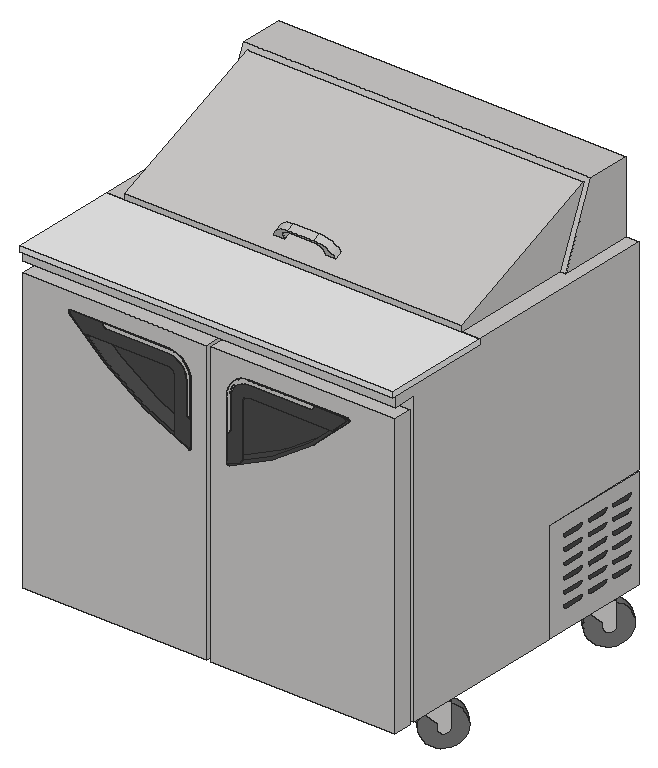
Revit family "QF_Turbo Air_TST-36SD3d83a96b-9be4-4cdf-8842-75e6c3c3c7b1", category Specialty Equipment, Revit 2012
Parameters
  Weight in Pounds = 230
  Watermarked By = "http://revitwatermark.com"
  Volts = 115 V
  URL Cutsheet = ""
  URL = "www.turboairinc.com"
  Status [instance] = ""
  Specification by User [instance] = ""
  Specification by Manufacturer [instance] = ""
  Serial Number [instance] = ""
  Revision Code [instance] = ""
  Phase = 1
  Number of Poles [instance] = 1
  NAFEM Spec ID Number [instance] = ""
  Model = "TST-36SD"
  Masterspec [instance] = ""
  Manufacturer = "Turbo Air"  # constant formula
  Legs [instance] = [6 inch Legs]  # no
  Item Number [instance] = "-"
  Installed By [instance] = ""
  HP = "1/3"
  Furnished By [instance] = ""
  Foodservice Equipment Identifier = yes
  FL Amps = 6.6 A
  Electrical Remarks [instance] = ""
  Electric Connection Type [instance] = ""
  Elec Conn RI Height [instance] = 0' - 0"
  Elec Conn Connection Height = 1' - 0"
  Description = "Sandwich/Salad Unit"
  Cycle = 60 Hz
  Conn Plug = "NEMA 5-15P"
  Casters [instance] = not(Legs)  # yes
  CasterLeg Height [instance] = if([4 inch Casters], 0' 5", if([5 inch Casters], 0' 5 3/4", if([2_5 inch Casters], 0' 3 3/8", 0' 6")))  # 0' - 5"
  CSI MasterFormat = "11 41 13"
  Assembly Code = "E1090320"
  Apparent Power = if(Phase = 3, Volts * FL Amps * 1.73, Volts * FL Amps)  # 759 VA
  6 inch Legs [instance] = no
  5 inch Casters [instance] = no
  4 inch Casters [instance] = yes
  2_5 inch Casters [instance] = no
Reference planes (in)
  plane 1 "BACK": y = 0
  plane 2: z = 0
  plane 3 "LEFT": x = -20.78844
  plane 4 "Bottom": z = 5
  plane 5 "Back Stops": y = 1
  plane 6 "RIGHT": x = 15.58656
  plane 7 "Front of Lid": y = -19.375
  plane 8 "FRONT": y = -30
  plane 9 "Door Clearance": y = -45.75
  plane 10 "Back of Door": y = -27.875
  plane 11 "Front of Box": y = -27.375
  plane 12 "Counter Top": z = 35
  plane 13 "TOP": z = 42
  plane 14 "Top of Door": z = 32.5
  plane 15 "Bottom of Cutting Board": z = 34.5
  plane 16 "Handle LR": x = -2.60094
  plane 17 "Lid Clearance": z = 45.5
  plane 18 "Left Lid Cover": x = -19.53844
  plane 19 "Right of Lid Cover": x = 14.33656
  plane 20 "Left of Lid": x = -19.03844
  plane 21 "Right of Lid": x = 13.83656
  plane 22 "Left of Right Door": x = -2.41344
  plane 23 "Right of Left Door": x = -2.78844
Forms (in)
  Extrusion 1, solid, material "QF_Finishes_Stainless Steel"
    sketch origin (-20.78844, 0, 0) x (0, 1, 0) y (0, 0, 1)
      loop
        line (0, 5) -> (0, 35) -> (-19.375, 35) -> (-19.375, 34.5) -> (-29.625, 34.5) -> (-29.625, 33.5) -> (-27.375, 33.5) -> (-27.375, 5) -> (0, 5)
    from 0 to 36.375
  Extrusion 2, solid, material "QF_Finishes_Black"
    sketch origin (0, -27.375, 0) x (1, 0, 0) y (0, 0, 1)
      loop
        line (-19.78844, 31.5) -> (-19.78844, 6) -> (-3.78844, 6) -> (-3.78844, 31.5) -> (-19.78844, 31.5)
      loop
        line (14.58656, 6) -> (14.58656, 31.5) -> (-1.41344, 31.5) -> (-1.41344, 6) -> (14.58656, 6)
    from 0 to 0.5
  Extrusion 3, solid, material "QF_Finishes_Stainless Steel"
    sketch origin (-19.53844, 0, 0) x (0, 1, 0) y (0, 0, 1)
      loop
        line (0, 35) -> (0, 42) -> (-4.25, 42) -> (-7.375, 35) -> (0, 35)
    from 0 to 33.875
  Extrusion 4, solid, material "QF_Finishes_White"
    sketch origin (0, 0, 34.5) x (0, 1, 0) y (-1, 0, 0)
      loop
        line (-19.375, 20.78844) -> (-30, 20.78844) -> (-30, -15.58656) -> (-19.375, -15.58656) -> (-19.375, 20.78844)
    from 0 to 0.5
  Extrusion 5, solid, material "QF_Finishes_Stainless Steel"
    sketch origin (-19.03844, 0, 0) x (0, 1, 0) y (0, 0, 1)
      loop
        line (-19.375, 35) -> (-7.375, 35) -> (-4.45383, 41.54343) -> (-19.375, 35.5) -> (-19.375, 35)
    from 0 to 32.875
  Extrusion 6, solid, material "QF_Finishes_Stainless Steel"
    sketch origin (-8.25, -2.56728, -1.00345) x (1, 0, 0) y (0, -0.375401, 0.926862)
      loop
        line (7.64906, 40.14331) -> (8.64906, 40.14331)
        arc (8.64906, 40.14331) -> (7.97435, 41.04872) -> (6.89906, 41.39331) r 1.85
        line (6.89906, 41.39331) -> (4.39906, 41.39331)
        arc (4.39906, 41.39331) -> (3.32377, 41.04872) -> (2.64906, 40.14331) r 1.85
        line (2.64906, 40.14331) -> (3.64906, 40.14331) -> (3.64906, 40.64331)
        arc (3.64906, 40.64331) -> (3.79551, 40.99687) -> (4.14906, 41.14331) r 0.5
        line (4.14906, 41.14331) -> (7.14906, 41.14331)
        arc (7.14906, 41.14331) -> (7.50261, 40.99687) -> (7.64906, 40.64331) r 0.5
        line (7.64906, 40.64331) -> (7.64906, 40.14331)
    from -0.375 to 0.375
  Extrusion 7, solid, material "QF_Finishes_Clearances", detail levels coarse
    sketch origin (-19.03844, 0, 0) x (0, 1, 0) y (0, 0, 1)
      loop
        arc (-9.375, 45.5) -> (-16.44607, 42.57107) -> (-19.375, 35.5) r 10
        line (-19.375, 35.5) -> (-4.45383, 41.54343) -> (-8.87792, 45.446) -> (-9.375, 45.5)
    from 0 to 32.875
  Extrusion 8, void
    sketch origin (15.58656, 0, 0) x (0, 1, 0) y (0, 0, 1)
      loop
        line (0, 5) -> (0, 15) -> (-11, 15) -> (-11, 5) -> (0, 5)
    from 0 to -1
  Extrusion 9, solid, material "QF_Finishes_Stainless Steel"
    sketch origin (15.58656, 0, 0) x (0, 1, 0) y (0, 0, 1)
      loop
        line (-10.875, 14.875) -> (-10.875, 5) -> (0, 5) -> (0, 14.875) -> (-10.875, 14.875)
      loop
        arc (-9.25, 13.5) -> (-9.10355, 13.14645) -> (-8.75, 13) r 0.5
        line (-8.75, 13) -> (-7.25, 13)
        arc (-7.25, 13) -> (-6.89645, 13.14645) -> (-6.75, 13.5) r 0.5
        line (-6.75, 13.5) -> (-9.25, 13.5)
      loop
        arc (-6.25, 13.5) -> (-6.10355, 13.14645) -> (-5.75, 13) r 0.5
        line (-5.75, 13) -> (-4.25, 13)
        arc (-4.25, 13) -> (-3.89645, 13.14645) -> (-3.75, 13.5) r 0.5
        line (-3.75, 13.5) -> (-6.25, 13.5)
      loop
        arc (-3.25, 13.5) -> (-3.10355, 13.14645) -> (-2.75, 13) r 0.5
        line (-2.75, 13) -> (-1.25, 13)
        arc (-1.25, 13) -> (-0.89645, 13.14645) -> (-0.75, 13.5) r 0.5
        line (-0.75, 13.5) -> (-3.25, 13.5)
      loop
        arc (-9.25, 12.25) -> (-9.10355, 11.89645) -> (-8.75, 11.75) r 0.5
        line (-8.75, 11.75) -> (-7.25, 11.75)
        arc (-7.25, 11.75) -> (-6.89645, 11.89645) -> (-6.75, 12.25) r 0.5
        line (-6.75, 12.25) -> (-9.25, 12.25)
      loop
        arc (-6.25, 12.25) -> (-6.10355, 11.89645) -> (-5.75, 11.75) r 0.5
        line (-5.75, 11.75) -> (-4.25, 11.75)
        arc (-4.25, 11.75) -> (-3.89645, 11.89645) -> (-3.75, 12.25) r 0.5
        line (-3.75, 12.25) -> (-6.25, 12.25)
      loop
        arc (-3.25, 12.25) -> (-3.10355, 11.89645) -> (-2.75, 11.75) r 0.5
        line (-2.75, 11.75) -> (-1.25, 11.75)
        arc (-1.25, 11.75) -> (-0.89645, 11.89645) -> (-0.75, 12.25) r 0.5
        line (-0.75, 12.25) -> (-3.25, 12.25)
      loop
        arc (-9.25, 11) -> (-9.10355, 10.64645) -> (-8.75, 10.5) r 0.5
        line (-8.75, 10.5) -> (-7.25, 10.5)
        arc (-7.25, 10.5) -> (-6.89645, 10.64645) -> (-6.75, 11) r 0.5
        line (-6.75, 11) -> (-9.25, 11)
      loop
        arc (-6.25, 11) -> (-6.10355, 10.64645) -> (-5.75, 10.5) r 0.5
        line (-5.75, 10.5) -> (-4.25, 10.5)
        arc (-4.25, 10.5) -> (-3.89645, 10.64645) -> (-3.75, 11) r 0.5
        line (-3.75, 11) -> (-6.25, 11)
      loop
        arc (-3.25, 11) -> (-3.10355, 10.64645) -> (-2.75, 10.5) r 0.5
        line (-2.75, 10.5) -> (-1.25, 10.5)
        arc (-1.25, 10.5) -> (-0.89645, 10.64645) -> (-0.75, 11) r 0.5
        line (-0.75, 11) -> (-3.25, 11)
      loop
        arc (-9.25, 9.75) -> (-9.10355, 9.39645) -> (-8.75, 9.25) r 0.5
        line (-8.75, 9.25) -> (-7.25, 9.25)
        arc (-7.25, 9.25) -> (-6.89645, 9.39645) -> (-6.75, 9.75) r 0.5
        line (-6.75, 9.75) -> (-9.25, 9.75)
      loop
        arc (-6.25, 9.75) -> (-6.10355, 9.39645) -> (-5.75, 9.25) r 0.5
        line (-5.75, 9.25) -> (-4.25, 9.25)
        arc (-4.25, 9.25) -> (-3.89645, 9.39645) -> (-3.75, 9.75) r 0.5
        line (-3.75, 9.75) -> (-6.25, 9.75)
      loop
        arc (-3.25, 9.75) -> (-3.10355, 9.39645) -> (-2.75, 9.25) r 0.5
        line (-2.75, 9.25) -> (-1.25, 9.25)
        arc (-1.25, 9.25) -> (-0.89645, 9.39645) -> (-0.75, 9.75) r 0.5
        line (-0.75, 9.75) -> (-3.25, 9.75)
      loop
        arc (-9.25, 8.5) -> (-9.10355, 8.14645) -> (-8.75, 8) r 0.5
        line (-8.75, 8) -> (-7.25, 8)
        arc (-7.25, 8) -> (-6.89645, 8.14645) -> (-6.75, 8.5) r 0.5
        line (-6.75, 8.5) -> (-9.25, 8.5)
      loop
        arc (-6.25, 8.5) -> (-6.10355, 8.14645) -> (-5.75, 8) r 0.5
        line (-5.75, 8) -> (-4.25, 8)
        arc (-4.25, 8) -> (-3.89645, 8.14645) -> (-3.75, 8.5) r 0.5
        line (-3.75, 8.5) -> (-6.25, 8.5)
      loop
        arc (-3.25, 8.5) -> (-3.10355, 8.14645) -> (-2.75, 8) r 0.5
        line (-2.75, 8) -> (-1.25, 8)
        arc (-1.25, 8) -> (-0.89645, 8.14645) -> (-0.75, 8.5) r 0.5
        line (-0.75, 8.5) -> (-3.25, 8.5)
      loop
        arc (-9.25, 7.25) -> (-9.10355, 6.89645) -> (-8.75, 6.75) r 0.5
        line (-8.75, 6.75) -> (-7.25, 6.75)
        arc (-7.25, 6.75) -> (-6.89645, 6.89645) -> (-6.75, 7.25) r 0.5
        line (-6.75, 7.25) -> (-9.25, 7.25)
      loop
        arc (-6.25, 7.25) -> (-6.10355, 6.89645) -> (-5.75, 6.75) r 0.5
        line (-5.75, 6.75) -> (-4.25, 6.75)
        arc (-4.25, 6.75) -> (-3.89645, 6.89645) -> (-3.75, 7.25) r 0.5
        line (-3.75, 7.25) -> (-6.25, 7.25)
      loop
        arc (-3.25, 7.25) -> (-3.10355, 6.89645) -> (-2.75, 6.75) r 0.5
        line (-2.75, 6.75) -> (-1.25, 6.75)
        arc (-1.25, 6.75) -> (-0.89645, 6.89645) -> (-0.75, 7.25) r 0.5
        line (-0.75, 7.25) -> (-3.25, 7.25)
    from 0 to -1
  Extrusion 10, solid, material "QF_Finishes_Black"
    sketch origin (15.58656, 0, 0) x (0, 1, 0) y (0, 0, 1)
      loop
        line (-9.875, 13.95221) -> (-9.875, 6.20221) -> (-0.375, 6.20221) -> (-0.375, 13.95221) -> (-9.875, 13.95221)
    from -0.125 to -1
  Extrusion 11, solid, material "QF_Finishes_Black"
    sketch origin (0, 0, 0) x (1, 0, 0) y (0, 0, 1)
      loop
        circle (-14.66344, 30.1875) r 0.5
      loop
        circle (9.46156, 30.1875) r 0.5
    from 0 to -1
  Extrusion 12, solid, material "QF_Finishes_Stainless Steel"
    sketch origin (0, 0, 0) x (1, 0, 0) y (0, 0, 1)
      loop
        circle (11.58656, 11.125) r 0.25
    from 0 to -0.0625
Cuts and joins
  Extrusion 8 cuts Extrusion 1
Lines and regions (in)
  symbolic lines
    curve 1: line (-20.78844, 0, 35) -> (15.58656, 0, 35)
    curve 2: line (-20.78844, -30, 35) -> (-20.78844, 0, 35)
    curve 3: line (15.58656, -30, 35) -> (-20.78844, -30, 35)
    curve 4: line (15.58656, 0, 35) -> (15.58656, -30, 35)
    curve 5: line (-20.78844, -19.375, 35) -> (15.58656, -19.375, 35)
    curve 6: line (8.96156, 1, 35) -> (9.96156, 1, 35)
    curve 7: line (-15.16344, 1, 35) -> (-14.16344, 1, 35)
    curve 8: line (-15.16344, 1, 35) -> (-15.16344, 0, 35)
    curve 9: line (-14.16344, 1, 35) -> (-14.16344, 0, 35)
    curve 10: line (8.96156, 1, 35) -> (8.96156, 0, 35)
    curve 11: line (9.96156, 1, 35) -> (9.96156, 0, 35)
    curve 12: line (-4.60094, -17.28956, 35) -> (-5.60094, -17.28956, 35)
    curve 13: line (-5.60094, -17.28956, 35) -> (-5.60094, -17.98471, 35)
    curve 14: line (-4.60094, -17.47726, 35) -> (-4.60094, -17.28956, 35)
    curve 15: line (-1.35094, -18.45396, 35) -> (-3.85094, -18.45396, 35)
    curve 16: line (-1.10094, -17.66496, 35) -> (-4.10094, -17.66496, 35)
    curve 17: line (-0.60094, -17.28956, 35) -> (-0.60094, -17.47726, 35)
    curve 18: line (0.39906, -17.28956, 35) -> (-0.60094, -17.28956, 35)
    curve 19: line (0.39906, -17.98471, 35) -> (0.39906, -17.28956, 35)
    curve 20: spline (0.39906, -17.98471, 35) -> (0.3278, -18.0513, 35) -> (0.23862, -18.11477, 35) -> (0.13247, -18.17445, 35) -> (0.01048, -18.2297, 35) -> (-0.12605, -18.27993, 35) -> (-0.27565, -18.3246, 35) -> (-0.43673, -18.36324, 35) -> (-0.60758, -18.39543, 35) -> (-0.78636, -18.42083, 35) -> (-0.97117, -18.43917, 35) -> (-1.16004, -18.45025, 35) -> (-1.35094, -18.45396, 35)
    curve 21: spline (-4.10094, -17.66496, 35) -> (-4.1662, -17.66336, 35) -> (-4.23035, -17.65857, 35) -> (-4.29228, -17.65067, 35) -> (-4.35094, -17.63981, 35) -> (-4.40532, -17.62617, 35) -> (-4.45449, -17.60998, 35) -> (-4.49762, -17.59153, 35) -> (-4.53395, -17.57111, 35) -> (-4.56288, -17.54909, 35) -> (-4.5839, -17.52584, 35) -> (-4.59666, -17.50176, 35) -> (-4.60094, -17.47726, 35)
    curve 22: spline (-0.60094, -17.47726, 35) -> (-0.60522, -17.50176, 35) -> (-0.61798, -17.52584, 35) -> (-0.639, -17.54909, 35) -> (-0.66793, -17.57111, 35) -> (-0.70426, -17.59153, 35) -> (-0.74739, -17.60998, 35) -> (-0.79656, -17.62617, 35) -> (-0.85094, -17.63981, 35) -> (-0.9096, -17.65067, 35) -> (-0.97153, -17.65857, 35) -> (-1.03568, -17.66336, 35) -> (-1.10094, -17.66496, 35)
    curve 23: spline (-3.85094, -18.45396, 35) -> (-4.04184, -18.45025, 35) -> (-4.23071, -18.43917, 35) -> (-4.41552, -18.42083, 35) -> (-4.5943, -18.39543, 35) -> (-4.76515, -18.36324, 35) -> (-4.92623, -18.3246, 35) -> (-5.07583, -18.27993, 35) -> (-5.21236, -18.2297, 35) -> (-5.33435, -18.17445, 35) -> (-5.4405, -18.11477, 35) -> (-5.52968, -18.0513, 35) -> (-5.60094, -17.98471, 35)
    curve 104: line (-19.53844, 0, 35) -> (-19.53844, -7.375, 35)
    curve 105: line (14.33656, -7.375, 35) -> (14.33656, 0, 35)
    curve 106: line (-19.53844, -4.25, 35) -> (14.33656, -4.25, 35)
    curve 107: line (-19.03844, -4.25, 35) -> (-19.03844, -19.375, 35)
    curve 108: line (13.83656, -19.375, 35) -> (13.83656, -4.25, 35)
    curve 113: line (13.83656, -7.375, 35) -> (14.33656, -7.375, 35)
    curve 114: line (-19.03844, -7.375, 35) -> (-19.53844, -7.375, 35)
  symbolic lines, style "QF_Surface Details"
    curve 24: line (-18.60094, -10.41441, 35) -> (-18.60094, -6.42258, 35)
    curve 25: line (-12.60094, -10.41441, 35) -> (-12.60094, -6.42258, 35)
    curve 26: line (-13.60094, -5.42258, 35) -> (-17.60094, -5.42258, 35)
    curve 27: line (-13.60094, -11.41441, 35) -> (-17.60094, -11.41441, 35)
    curve 28: arc (-17.60094, -5.42258, 35) -> (-18.30805, -5.71547, 35) -> (-18.60094, -6.42258, 35) r 1
    curve 29: arc (-13.60094, -5.42258, 35) -> (-12.89383, -5.71547, 35) -> (-12.60094, -6.42258, 35) r 1
    curve 30: arc (-12.60094, -10.41441, 35) -> (-12.89383, -11.12152, 35) -> (-13.60094, -11.41441, 35) r 1
    curve 31: arc (-17.60094, -11.41441, 35) -> (-18.30805, -11.12152, 35) -> (-18.60094, -10.41441, 35) r 1
    curve 32: line (-6.10094, -10.41441, 35) -> (-6.10094, -6.42258, 35)
    curve 33: line (-12.10094, -10.41441, 35) -> (-12.10094, -6.42258, 35)
    curve 34: line (-11.10094, -5.42258, 35) -> (-7.10094, -5.42258, 35)
    curve 35: line (-11.10094, -11.41441, 35) -> (-7.10094, -11.41441, 35)
    curve 36: arc (-7.10094, -5.42258, 35) -> (-6.39383, -5.71547, 35) -> (-6.10094, -6.42258, 35) r 1
    curve 37: arc (-11.10094, -5.42258, 35) -> (-11.80805, -5.71547, 35) -> (-12.10094, -6.42258, 35) r 1
    curve 38: arc (-12.10094, -10.41441, 35) -> (-11.80805, -11.12152, 35) -> (-11.10094, -11.41441, 35) r 1
    curve 39: arc (-7.10094, -11.41441, 35) -> (-6.39383, -11.12152, 35) -> (-6.10094, -10.41441, 35) r 1
    curve 40: line (-18.60094, -13.41441, 35) -> (-18.60094, -17.40625, 35)
    curve 41: line (-12.60094, -13.41441, 35) -> (-12.60094, -17.40625, 35)
    curve 42: line (-13.60094, -18.40625, 35) -> (-17.60094, -18.40625, 35)
    curve 43: line (-13.60094, -12.41441, 35) -> (-17.60094, -12.41441, 35)
    curve 44: arc (-17.60094, -18.40625, 35) -> (-18.30805, -18.11336, 35) -> (-18.60094, -17.40625, 35) r 1
    curve 45: arc (-13.60094, -18.40625, 35) -> (-12.89383, -18.11336, 35) -> (-12.60094, -17.40625, 35) r 1
    curve 46: arc (-12.60094, -13.41441, 35) -> (-12.89383, -12.70731, 35) -> (-13.60094, -12.41441, 35) r 1
    curve 47: arc (-17.60094, -12.41441, 35) -> (-18.30805, -12.70731, 35) -> (-18.60094, -13.41441, 35) r 1
    curve 48: line (-6.10094, -13.41441, 35) -> (-6.10094, -17.40625, 35)
    curve 49: line (-12.10094, -13.41441, 35) -> (-12.10094, -17.40625, 35)
    curve 50: line (-11.10094, -18.40625, 35) -> (-7.10094, -18.40625, 35)
    curve 51: line (-11.10094, -12.41441, 35) -> (-7.10094, -12.41441, 35)
    curve 52: arc (-7.10094, -18.40625, 35) -> (-6.39383, -18.11336, 35) -> (-6.10094, -17.40625, 35) r 1
    curve 53: arc (-11.10094, -18.40625, 35) -> (-11.80805, -18.11336, 35) -> (-12.10094, -17.40625, 35) r 1
    curve 54: arc (-12.10094, -13.41441, 35) -> (-11.80805, -12.70731, 35) -> (-11.10094, -12.41441, 35) r 1
    curve 55: arc (-7.10094, -12.41441, 35) -> (-6.39383, -12.70731, 35) -> (-6.10094, -13.41441, 35) r 1
    curve 56: line (6.89906, -10.41441, 35) -> (6.89906, -6.42258, 35)
    curve 57: line (0.89906, -10.41441, 35) -> (0.89906, -6.42258, 35)
    curve 58: line (1.89906, -5.42258, 35) -> (5.89906, -5.42258, 35)
    curve 59: line (1.89906, -11.41441, 35) -> (5.89906, -11.41441, 35)
    curve 60: arc (5.89906, -5.42258, 35) -> (6.60617, -5.71547, 35) -> (6.89906, -6.42258, 35) r 1
    curve 61: arc (1.89906, -5.42258, 35) -> (1.19195, -5.71547, 35) -> (0.89906, -6.42258, 35) r 1
    curve 62: arc (0.89906, -10.41441, 35) -> (1.19195, -11.12152, 35) -> (1.89906, -11.41441, 35) r 1
    curve 63: arc (5.89906, -11.41441, 35) -> (6.60617, -11.12152, 35) -> (6.89906, -10.41441, 35) r 1
    curve 64: line (-5.60094, -10.41441, 35) -> (-5.60094, -6.42258, 35)
    curve 65: line (0.39906, -10.41441, 35) -> (0.39906, -6.42258, 35)
    curve 66: line (-0.60094, -5.42258, 35) -> (-4.60094, -5.42258, 35)
    curve 67: line (-0.60094, -11.41441, 35) -> (-4.60094, -11.41441, 35)
    curve 68: arc (-4.60094, -5.42258, 35) -> (-5.30805, -5.71547, 35) -> (-5.60094, -6.42258, 35) r 1
    curve 69: arc (-0.60094, -5.42258, 35) -> (0.10617, -5.71547, 35) -> (0.39906, -6.42258, 35) r 1
    curve 70: arc (0.39906, -10.41441, 35) -> (0.10617, -11.12152, 35) -> (-0.60094, -11.41441, 35) r 1
    curve 71: arc (-4.60094, -11.41441, 35) -> (-5.30805, -11.12152, 35) -> (-5.60094, -10.41441, 35) r 1
    curve 72: line (6.89906, -13.41441, 35) -> (6.89906, -17.40625, 35)
    curve 73: line (0.89906, -13.41441, 35) -> (0.89906, -17.40625, 35)
    curve 74: line (1.89906, -18.40625, 35) -> (5.89906, -18.40625, 35)
    curve 75: line (1.89906, -12.41441, 35) -> (5.89906, -12.41441, 35)
    curve 76: arc (5.89906, -18.40625, 35) -> (6.60617, -18.11336, 35) -> (6.89906, -17.40625, 35) r 1
    curve 77: arc (1.89906, -18.40625, 35) -> (1.19195, -18.11336, 35) -> (0.89906, -17.40625, 35) r 1
    curve 78: arc (0.89906, -13.41441, 35) -> (1.19195, -12.70731, 35) -> (1.89906, -12.41441, 35) r 1
    curve 79: arc (5.89906, -12.41441, 35) -> (6.60617, -12.70731, 35) -> (6.89906, -13.41441, 35) r 1
    curve 80: line (-5.60094, -13.41441, 35) -> (-5.60094, -17.40625, 35)
    curve 81: line (0.39906, -13.41441, 35) -> (0.39906, -17.40625, 35)
    curve 82: line (-0.60094, -18.40625, 35) -> (-4.60094, -18.40625, 35)
    curve 83: line (-0.60094, -12.41441, 35) -> (-4.60094, -12.41441, 35)
    curve 84: arc (-4.60094, -18.40625, 35) -> (-5.30805, -18.11336, 35) -> (-5.60094, -17.40625, 35) r 1
    curve 85: arc (-0.60094, -18.40625, 35) -> (0.10617, -18.11336, 35) -> (0.39906, -17.40625, 35) r 1
    curve 86: arc (0.39906, -13.41441, 35) -> (0.10617, -12.70731, 35) -> (-0.60094, -12.41441, 35) r 1
    curve 87: arc (-4.60094, -12.41441, 35) -> (-5.30805, -12.70731, 35) -> (-5.60094, -13.41441, 35) r 1
    curve 88: line (13.39906, -10.41441, 35) -> (13.39906, -6.42258, 35)
    curve 89: line (7.39906, -10.41441, 35) -> (7.39906, -6.42258, 35)
    curve 90: line (8.39906, -5.42258, 35) -> (12.39906, -5.42258, 35)
    curve 91: line (8.39906, -11.41441, 35) -> (12.39906, -11.41441, 35)
    curve 92: arc (12.39906, -5.42258, 35) -> (13.10617, -5.71547, 35) -> (13.39906, -6.42258, 35) r 1
    curve 93: arc (8.39906, -5.42258, 35) -> (7.69195, -5.71547, 35) -> (7.39906, -6.42258, 35) r 1
    curve 94: arc (7.39906, -10.41441, 35) -> (7.69195, -11.12152, 35) -> (8.39906, -11.41441, 35) r 1
    curve 95: arc (12.39906, -11.41441, 35) -> (13.10617, -11.12152, 35) -> (13.39906, -10.41441, 35) r 1
    curve 96: line (13.39906, -13.41441, 35) -> (13.39906, -17.40625, 35)
    curve 97: line (7.39906, -13.41441, 35) -> (7.39906, -17.40625, 35)
    curve 98: line (8.39906, -18.40625, 35) -> (12.39906, -18.40625, 35)
    curve 99: line (8.39906, -12.41441, 35) -> (12.39906, -12.41441, 35)
    curve 100: arc (12.39906, -18.40625, 35) -> (13.10617, -18.11336, 35) -> (13.39906, -17.40625, 35) r 1
    curve 101: arc (8.39906, -18.40625, 35) -> (7.69195, -18.11336, 35) -> (7.39906, -17.40625, 35) r 1
    curve 102: arc (7.39906, -13.41441, 35) -> (7.69195, -12.70731, 35) -> (8.39906, -12.41441, 35) r 1
    curve 103: arc (12.39906, -12.41441, 35) -> (13.10617, -12.70731, 35) -> (13.39906, -13.41441, 35) r 1
  symbolic lines, style "QF_Clearances", detail levels coarse
    curve 109: line (-20.78844, -30, 35) -> (-20.78844, -45.75, 35)
    curve 110: arc (-20.78844, -45.75, 35) -> (-8.88256, -41.25, 35) -> (-2.92962, -30, 35) r 18
    curve 111: line (15.58656, -30, 35) -> (15.58656, -45.75, 35)
    curve 112: arc (15.58656, -45.75, 35) -> (3.68068, -41.25, 35) -> (-2.27226, -30, 35) r 18
Dimensions and locks (in)
  "CasterLeg Height": plane 4 "Bottom" to plane 2
  locked: plane 1 "BACK" to plane 5 "Back Stops" at 1
  locked: plane 6 "RIGHT" to plane 3 "LEFT" at 36.375
  locked: plane 7 "Front of Lid" to plane 1 "BACK" at 19.375
  locked: plane 8 "FRONT" to plane 1 "BACK" at 30
  locked: plane 10 "Back of Door" to plane 1 "BACK" at 27.875
  locked: plane 10 "Back of Door" to plane 11 "Front of Box" at 0.5
  locked: plane 9 "Door Clearance" to plane 1 "BACK" at 45.75
  locked: plane 13 "TOP" to plane 12 "Counter Top" at 7
  locked: plane 12 "Counter Top" to plane 4 "Bottom" at 30
  locked: plane 12 "Counter Top" to plane 15 "Bottom of Cutting Board" at 0.5
  locked: plane 14 "Top of Door" to plane 4 "Bottom" at 27.5
  locked: plane 14 "Top of Door" to Extrusion 2 sketch curve at 1  (x2)
  locked: Extrusion 2 sketch curve to plane 3 "LEFT" at 1
  locked: Extrusion 2 sketch curve to plane 4 "Bottom" at 1  (x2)
  locked: Extrusion 2 sketch curve to plane 6 "RIGHT" at 1
  locked: plane 1 "BACK" to Extrusion 3 sketch curve at 4.25
  locked: plane 1 "BACK" to Extrusion 3 sketch curve at 7.375
  locked: plane 17 "Lid Clearance" to plane 12 "Counter Top" at 10.5
  locked: Extrusion 5 sketch curve to plane 12 "Counter Top" at 0.5
  locked: plane 13 "TOP" to Extrusion 5 sketch curve at 0.45657
  locked: plane 1 "BACK" to Extrusion 5 sketch curve at 4.45383
  locked: plane 1 "BACK" to Extrusion 5 sketch curve at 7.375
  locked: Extrusion 6 to plane 12 "Counter Top" at 2.22168
  locked: Extrusion 6 to plane 12 "Counter Top" at 2.50323
  locked: plane 13 "TOP" to Extrusion 7 sketch curve at 0.45657
  locked: plane 17 "Lid Clearance" to Extrusion 7 sketch curve at 0.054
  locked: Extrusion 8 sketch curve to plane 1 "BACK" at 11
  locked: Extrusion 8 sketch curve to plane 4 "Bottom" at 10
  locked: plane 4 "Bottom" to Extrusion 9 sketch curve at 9.875
  locked: Extrusion 9 sketch curve to plane 1 "BACK" at 10.875
  locked: Extrusion 10 sketch curve to Extrusion 10 sketch curve at 7.75
  locked: Extrusion 10 sketch curve to plane 4 "Bottom" at 1.20221
  locked: Extrusion 10 sketch curve to Extrusion 10 sketch curve at 9.5
  locked: Extrusion 10 sketch curve to plane 1 "BACK" at 0.375
  locked: nested 2 to plane 1 "BACK" at 2.5625
  locked: plane 3 "LEFT" to nested 2 at 2.5
  locked: plane 3 "LEFT" to nested 3 at 2.5
  locked: plane 11 "Front of Box" to nested 3 at 4.625
  locked: nested 4 to plane 6 "RIGHT" at 2.5
  locked: nested 5 to plane 6 "RIGHT" at 2.5
  locked: plane 11 "Front of Box" to nested 5 at 4.625
  locked: nested 4 to plane 1 "BACK" at 2.5625
  locked: plane 12 "Counter Top" to Extrusion 11 sketch curve at 4.8125  (x2)
  locked: plane 6 "RIGHT" to Extrusion 11 sketch curve at 6.125
  locked: Extrusion 11 sketch curve to plane 3 "LEFT" at 6.125
  locked: Extrusion 12 sketch curve to plane 4 "Bottom" at 6.125
  locked: plane 6 "RIGHT" to Extrusion 12 sketch curve at 4
  locked: Extrusion 1 sketch curve to plane 15 "Bottom of Cutting Board" at 1
  locked: Extrusion 1 sketch curve to plane 8 "FRONT" at 0.375
  equal spacing: plane 3 "LEFT", plane 16 "Handle LR", plane 6 "RIGHT"
  equal spacing: plane 18 "Left Lid Cover", plane 16 "Handle LR", plane 19 "Right of Lid Cover"
  locked: plane 18 "Left Lid Cover" to plane 19 "Right of Lid Cover" at 33.875
  locked: plane 18 "Left Lid Cover" to plane 20 "Left of Lid" at 0.5
  locked: plane 21 "Right of Lid" to plane 19 "Right of Lid Cover" at 0.5
  plane 23 "Right of Left Door" to plane 16 "Handle LR" to plane 22 "Left of Right Door" = 0' - 0 3/16" locked, 0' - 0 3/16" locked
  locked: Extrusion 2 sketch curve to plane 23 "Right of Left Door" at 1
  locked: Extrusion 2 sketch curve to plane 22 "Left of Right Door" at 1
  aligned and locked: level to plane 2
  aligned and locked: Extrusion 1 sketch curve to plane 1 "BACK"
  aligned and locked: Extrusion 1 sketch curve to plane 4 "Bottom"
  aligned and locked: plane 11 "Front of Box" to Extrusion 1 sketch curve
  aligned and locked: plane 6 "RIGHT" to Extrusion 1
  aligned and locked: plane 10 "Back of Door" to Extrusion 2
  aligned and locked: Extrusion 1 sketch curve to plane 12 "Counter Top"
  aligned and locked: Extrusion 3 sketch curve to plane 13 "TOP"
  aligned and locked: plane 1 "BACK" to Extrusion 3 sketch curve
  aligned and locked: Extrusion 3 sketch curve to plane 12 "Counter Top"
  aligned and locked: plane 7 "Front of Lid" to Extrusion 4 sketch curve
  aligned and locked: plane 3 "LEFT" to Extrusion 4 sketch curve
  aligned and locked: Extrusion 4 sketch curve to plane 8 "FRONT"
  aligned and locked: Extrusion 4 sketch curve to plane 6 "RIGHT"
  aligned and locked: plane 12 "Counter Top" to Extrusion 4
  aligned and locked: plane 12 "Counter Top" to Extrusion 5 sketch curve
  aligned and locked: plane 7 "Front of Lid" to Extrusion 5 sketch curve
  aligned and locked: Extrusion 6 to Extrusion 5
  aligned and locked: plane 7 "Front of Lid" to Extrusion 7 sketch curve
  aligned and locked: plane 17 "Lid Clearance" to Extrusion 7 sketch curve
  aligned and locked: Extrusion 8 sketch curve to plane 1 "BACK"
  aligned and locked: Extrusion 8 sketch curve to plane 4 "Bottom"
  aligned and locked: Extrusion 11 to plane 5 "Back Stops"
  aligned and locked: plane 1 "BACK" to curve 1
  aligned and locked: curve 4 to plane 6 "RIGHT"
  aligned and locked: plane 3 "LEFT" to curve 2
  aligned and locked: curve 3 to plane 8 "FRONT"
  aligned and locked: curve 6 to Extrusion 11
  aligned and locked: curve 7 to Extrusion 11
  aligned and locked: curve 12 to Extrusion 6
  aligned and locked: curve 13 to Extrusion 6
  aligned and locked: Extrusion 6 to curve 14
  aligned and locked: curve 15 to Extrusion 6
  aligned and locked: curve 16 to Extrusion 6
  aligned and locked: curve 17 to Extrusion 6
  aligned and locked: curve 18 to Extrusion 6
  aligned and locked: curve 19 to Extrusion 6
  aligned and locked: Extrusion 1 sketch curve to plane 7 "Front of Lid"
  aligned and locked: plane 15 "Bottom of Cutting Board" to Extrusion 1 sketch curve
  aligned and locked: plane 19 "Right of Lid Cover" to Extrusion 3
  aligned and locked: plane 21 "Right of Lid" to Extrusion 7
  aligned and locked: plane 21 "Right of Lid" to Extrusion 5
  aligned and locked: plane 6 "RIGHT" to nested 1
  aligned and locked: plane 22 "Left of Right Door" to nested 1
  aligned and locked: plane 4 "Bottom" to nested 1
  aligned and locked: plane 23 "Right of Left Door" to nested 6
  aligned and locked: nested 6 to plane 4 "Bottom"
  aligned and locked: plane 3 "LEFT" to nested 6
  aligned and locked: curve 104 to Extrusion 3
  aligned and locked: Extrusion 3 to curve 105
  aligned and locked: curve 106 to Extrusion 3
  aligned and locked: curve 107 to Extrusion 7
  aligned and locked: curve 108 to Extrusion 7
Automatic sketch dimensions
  Extrusion 9 sketch curve to plane 1 "BACK" = 0' - 0"
  Extrusion 9 sketch curve to plane 4 "Bottom" = 0' - 0"
  Extrusion 9 sketch curve to Extrusion 9 sketch curve = 0' - 1 5/8"
  Extrusion 9 sketch curve to Extrusion 9 sketch curve = 0' - 0"  (x16)
  Extrusion 9 sketch curve to Extrusion 9 sketch curve = 0' - 0 1/2"  (x31)
  Extrusion 9 sketch curve to Extrusion 9 sketch curve = 0' - 1 1/2"  (x4)
  plane 1 "BACK" to Extrusion 9 sketch curve = 0' - 1 1/4"  (x3)
  plane 4 "Bottom" to Extrusion 9 sketch curve = 0' - 1 3/4"  (x2)
  Extrusion 9 sketch curve to Extrusion 9 sketch curve = 0' - 0 3/4"  (x15)
  plane 1 "BACK" to Extrusion 7 sketch curve = 0' - 9 3/8"
  Extrusion 7 sketch curve to Extrusion 7 sketch curve = 0' - 0.49708"
  plane 1 "BACK" to Extrusion 7 sketch curve = 0' - 4.45383"
  Extrusion 6 sketch curve to plane 23 "Right of Left Door" = 0' - 2 13/16"
  Extrusion 6 sketch curve to Extrusion 6 sketch curve = 0' - 1"  (x2)
  Extrusion 6 sketch curve to Extrusion 6 sketch curve = 0' - 0 1/2"  (x3)
  Extrusion 6 sketch curve to Extrusion 6 sketch curve = 0' - 0 3/4"
  plane 22 "Left of Right Door" to Extrusion 6 sketch curve = 0' - 1 1/16"
  Extrusion 6 sketch curve to Extrusion 6 sketch curve = 0' - 0 1/4"
  Extrusion 6 sketch curve to Extrusion 6 sketch curve = 0' - 0"
  Extrusion 6 sketch curve to Extrusion 6 sketch curve = 0' - 0.6"
  plane 9 "Door Clearance" to curve 110 = 0' - 0"
  plane 9 "Door Clearance" to curve 111 = 0' - 0"
  plane 7 "Front of Lid" to curve 5 = 0' - 0"
  curve 110 to plane 10 "Back of Door" = 0' - 0 1/8"
  curve 112 to plane 10 "Back of Door" = 0' - 0 1/8"
  curve 74 to plane 7 "Front of Lid" = 0' - 0 31/32"
  curve 50 to plane 7 "Front of Lid" = 0' - 0 31/32"
  curve 42 to plane 7 "Front of Lid" = 0' - 0 31/32"
  curve 15 to curve 82 = 0' - 0.04771"
  curve 98 to plane 7 "Front of Lid" = 0' - 0 31/32"
  curve 23 to curve 12 = 0' - 0.69515"
  curve 20 to curve 18 = 0' - 0.69515"
  curve 20 to curve 16 = 0' - 0.0945"
  plane 22 "Left of Right Door" to curve 23 = 0' - 0.4125"
  curve 23 to curve 20 = 0' - 0"
  curve 23 to curve 21 = 0' - 0.28221"
  curve 22 to curve 17 = 0' - 0.1877"
  curve 101 to curve 97 = 0' - 1"
  plane 20 "Left of Lid" to curve 44 = 0' - 0 7/16"
  curve 44 to curve 44 = 0' - 1"
  curve 96 to plane 21 "Right of Lid" = 0' - 0 7/16"
  curve 100 to curve 96 = 0' - 1"
  curve 50 to curve 53 = 0' - 1"
  curve 72 to curve 97 = 0' - 0"
  curve 48 to curve 12 = 0' - 0.11669"
  curve 85 to curve 18 = 0' - 0.11669"
  curve 42 to curve 45 = 0' - 1"
  curve 84 to curve 12 = 0' - 0.11669"
  curve 81 to curve 73 = 0' - 0"  (x2)
  curve 18 to curve 81 = 0' - 3.87515"
  curve 72 to curve 72 = 0' - 3.99184"
  curve 87 to plane 23 "Right of Left Door" = 0' - 1 13/16"
  curve 12 to curve 87 = 0' - 3.87515"
  curve 79 to curve 97 = 0' - 0"
  curve 45 to curve 41 = 0' - 3.99184"
  curve 55 to curve 80 = 0' - 0"
  plane 20 "Left of Lid" to curve 47 = 0' - 1 7/16"
  curve 44 to curve 47 = 0' - 3.99184"
  curve 41 to curve 49 = 0' - 0"
  curve 103 to plane 21 "Right of Lid" = 0' - 1 7/16"
  curve 100 to curve 103 = 0' - 3.99184"
  curve 55 to curve 51 = 0' - 1"
  curve 78 to curve 75 = 0' - 1"
  curve 86 to curve 83 = 0' - 1"
  curve 43 to curve 30 = 0' - 1"
  curve 78 to curve 62 = 0' - 1"
  curve 99 to curve 91 = 0' - 1"
  curve 51 to curve 35 = 0' - 1"
  curve 83 to curve 67 = 0' - 1"
  curve 70 to curve 70 = 0' - 1"
  curve 59 to curve 56 = 0' - 1"
  curve 67 to curve 71 = 0' - 1"
  plane 20 "Left of Lid" to curve 31 = 0' - 0 7/16"
  curve 31 to curve 31 = 0' - 1"
  curve 39 to curve 64 = 0' - 0"
  curve 30 to curve 25 = 0' - 1"
  curve 25 to curve 38 = 0' - 0"
  curve 70 to curve 57 = 0' - 0"
  curve 95 to plane 21 "Right of Lid" = 0' - 0 7/16"
  curve 91 to curve 95 = 0' - 1"
  curve 56 to curve 94 = 0' - 0"
  curve 105 to curve 106 = 0' - 3 1/8"
  curve 31 to curve 114 = 0' - 3.03941"
  curve 39 to curve 32 = 0' - 3.99184"
  curve 33 to curve 33 = 0' - 3.99184"
  curve 70 to curve 69 = 0' - 3.99184"
  curve 63 to curve 56 = 0' - 3.99184"
  curve 29 to curve 37 = 0' - 0"
  curve 69 to curve 61 = 0' - 0"
  curve 32 to curve 64 = 0' - 0"
  curve 114 to curve 28 = 0' - 0.95242"
  curve 113 to curve 88 = 0' - 0.95242"
  curve 56 to curve 89 = 0' - 0"
  curve 28 to curve 28 = 0' - 1"
  curve 60 to curve 60 = 0' - 1"
  curve 36 to curve 36 = 0' - 1"
  curve 93 to curve 93 = 0' - 1"
  curve 69 to curve 66 = 0' - 1"
  curve 6 to plane 21 "Right of Lid" = 0' - 3 7/8"
  curve 11 to curve 10 = 0' - 1"
  curve 92 to curve 93 = 0' - 4"
  curve 100 to curve 98 = 0' - 4"
  curve 94 to curve 63 = 0' - 0 1/2"
  curve 102 to curve 72 = 0' - 0 1/2"
  curve 58 to curve 58 = 0' - 4"
  curve 74 to curve 19 = 0' - 1 1/2"
  curve 20 to curve 19 = 0' - 0.1"
  curve 85 to curve 18 = 0' - 0"
  curve 57 to curve 65 = 0' - 0 1/2"
  curve 16 to curve 20 = 0' - 0 1/4"
  curve 21 to curve 23 = 0' - 0 1/4"
  curve 71 to plane 23 "Right of Left Door" = 0' - 1 13/16"
  curve 64 to curve 32 = 0' - 0 1/2"
  curve 80 to curve 48 = 0' - 0 1/2"
  curve 36 to curve 37 = 0' - 4"
  curve 54 to curve 38 = 0' - 0"
  curve 38 to curve 30 = 0' - 0 1/2"
  curve 49 to curve 41 = 0' - 0 1/2"
  plane 20 "Left of Lid" to curve 9 = 0' - 4 7/8"
  curve 9 to curve 8 = 0' - 1"
  radius of Extrusion 11 sketch curve = 0' - 0 1/2"  (x2)
  radius of Extrusion 12 sketch curve = 0' - 0 1/4"
Nested families (in)
  nested 1: "QF_Turbo Air_TBL_Door-2" at (0.40989, -27.875, 5) x (-1, 0, 0) z (0, 0, 1), type "QF_Turbo Air_TBL_Door-2"
    with Width 1' - 6", Symbolic Lines no, Height 2' - 3 1/2", Depth 0' - 1 13/16"
  nested 2: "FESCasterLeg" at (-18.28844, -2.5625, 0), Legs <- "Legs", Casters <- "Casters", Height <- "CasterLeg Height", type "FESCasterLeg"
    with Legs no, Height 0' - 5", Casters yes, Caster Radius 0' - 2"
  nested 3: "FESCasterLeg" at (-18.28844, -22.75, 0), Legs <- "Legs", Casters <- "Casters", Height <- "CasterLeg Height", type "FESCasterLeg"
    with Legs no, Height 0' - 5", Casters yes, Caster Radius 0' - 2"
  nested 4: "FESCasterLeg" at (13.08656, -2.5625, 0), Legs <- "Legs", Casters <- "Casters", Height <- "CasterLeg Height", type "FESCasterLeg"
    with Legs no, Height 0' - 5", Casters yes, Caster Radius 0' - 2"
  nested 5: "FESCasterLeg" at (13.08656, -22.75, 0), Legs <- "Legs", Casters <- "Casters", Height <- "CasterLeg Height", type "FESCasterLeg"
    with Legs no, Height 0' - 5", Casters yes, Caster Radius 0' - 2"
  nested 6: "QF_Turbo Air_TBL_Door-2" at (-5.61177, -27.875, 5), type "QF_Turbo Air_TBL_Door-2"
    with Width 1' - 6", Symbolic Lines no, Height 2' - 3 1/2", Depth 0' - 1 13/16"
Connectors (in)
  electrical at (11.58656, 0.0625, 11.125), driven by "Number of Poles", driven by "Volts", driven by "Apparent Power"
    settings: on Extrusion 12, index 1, voltage 115 V, apparent load 759 VA, apparent load phase1 0 VA, apparent load phase2 0 VA, apparent load phase3 0 VA, power factor 1, load classification "Other", number of poles 1, system type 30, power factor state 1, is connector primary yes, connector utility no, sub classification motor no, connector description ""
Definition of nested family "QF_Turbo Air_TBL_Door-2"
  Parameters (values of type "QF_Turbo Air_TBL_Door-2")
    Width [instance] = 1' - 6"
    Watermarked By = "http://revitwatermark.com"
    Symbolic Lines [instance] = yes
    Manufacturer = "Turbo Air"  # constant formula
    Height [instance] = 2' - 3 1/2"
    Depth [instance] = 0' - 1 13/16"
  Reference planes (in)
    plane 1 "BACK": y = 0
    plane 2: z = 0
    plane 3 "LEFT": x = -15.17667
    plane 4: x = 2.82333
    plane 5 "FRONT": y = -1.8125
    plane 6: z = 27.5
  Forms (in)
    Extrusion 1, solid, material "QF_Finishes_Stainless Steel"
      sketch origin (0, 0, 0) x (1, 0, 0) y (0, 0, 1)
        loop
          line (-15.17667, 27.5) -> (-15.17667, 0) -> (2.82333, 0) -> (2.82333, 27.5) -> (-15.17667, 27.5)
        loop
          arc (1.26083, 23.75) -> (0.62013, 25.2968) -> (-0.92667, 25.9375) r 2.1875
          line (-0.92667, 25.9375) -> (-10.51602, 25.9375)
          arc (-10.51602, 25.9375) -> (-10.68463, 25.82502) -> (-10.64553, 25.62614) r 0.18261
          arc (-10.64553, 25.62614) -> (-5.27313, 21.0225) -> (1.01159, 17.7731) r 30.65514
          arc (1.01159, 17.7731) -> (1.18191, 17.79728) -> (1.26083, 17.95014) r 0.1875
          line (1.26083, 17.95014) -> (1.26083, 23.75)
      from 0 to 1.8125
    Extrusion 2, solid, material "QF_Finishes_Black"
      sketch origin (0, 0, 0) x (1, 0, 0) y (0, 0, 1)
        loop
          arc (-10.51602, 25.9375) -> (-10.68463, 25.82502) -> (-10.64553, 25.62614) r 0.18261
          arc (-10.64553, 25.62614) -> (-5.27313, 21.0225) -> (1.01159, 17.7731) r 30.65514
          arc (1.01159, 17.7731) -> (1.18191, 17.79728) -> (1.26083, 17.95014) r 0.1875
          line (1.26083, 17.95014) -> (1.26083, 23.75)
          arc (1.26083, 23.75) -> (0.62013, 25.2968) -> (-0.92667, 25.9375) r 2.1875
          line (-0.92667, 25.9375) -> (-10.51602, 25.9375)
      from 0 to 0.25
    Extrusion 3, solid, material "QF_Finishes_Black"
      sketch origin (0, -1.8125, 0) x (1, 0, 0) y (0, 0, 1)
        loop
          arc (-10.51602, 25.9375) -> (-10.68463, 25.82502) -> (-10.64553, 25.62614) r 0.18261
          arc (-10.64553, 25.62614) -> (-5.27313, 21.0225) -> (1.01159, 17.7731) r 30.65514
          arc (1.01159, 17.7731) -> (1.18191, 17.79728) -> (1.26083, 17.95014) r 0.1875
          line (1.26083, 17.95014) -> (1.26083, 23.75)
          arc (1.26083, 23.75) -> (0.62013, 25.2968) -> (-0.92667, 25.9375) r 2.1875
          line (-0.92667, 25.9375) -> (-10.51602, 25.9375)
        loop
          arc (-10.3612, 25.6875) -> (-5.1116, 21.21513) -> (1.01083, 18.04082) r 30.40514
          line (1.01083, 18.04082) -> (1.01083, 23.75)
          arc (1.01083, 23.75) -> (0.44335, 25.12002) -> (-0.92667, 25.6875) r 1.9375
          line (-0.92667, 25.6875) -> (-10.3612, 25.6875)
      from 0 to -1.5625
    Extrusion 4, solid, material "QF_Finishes_Stainless Steel"
      sketch origin (0, -1.8125, 0) x (1, 0, 0) y (0, 0, 1)
        loop
          line (0.8693, 23.74703) -> (0.8693, 20.9359)
          arc (0.8693, 20.9359) -> (0.97619, 20.67783) -> (1.23426, 20.57094) r 0.36497
          line (1.23426, 20.57094) -> (1.23426, 23.75728)
          arc (1.23426, 23.75728) -> (0.60343, 25.28026) -> (-0.91955, 25.9111) r 2.15381
          line (-0.91955, 25.9111) -> (-7.29364, 25.9111)
          arc (-7.29364, 25.9111) -> (-7.18686, 25.6533) -> (-6.92907, 25.54652) r 0.36457
          line (-6.92907, 25.54652) -> (-0.9302, 25.54652)
          arc (-0.9302, 25.54652) -> (0.34224, 25.01946) -> (0.8693, 23.74703) r 1.79949
      from 0 to 0.0625
    Extrusion 5, solid, material "QF_Finishes_Black"
      sketch origin (0, -1.8125, 0) x (1, 0, 0) y (0, 0, 1)
        loop
          line (-7.29579, 25.91713) -> (-10.23685, 25.91713)
          arc (-10.23685, 25.91713) -> (-10.4057, 25.80626) -> (-10.37109, 25.60724) r 0.18402
          arc (-10.37109, 25.60724) -> (-9.82156, 25.0362) -> (-9.25736, 24.47964) r 30.46741
          arc (-9.25736, 24.47964) -> (-9.13766, 24.40221) -> (-8.99771, 24.37509) r 0.37471
          line (-8.99771, 24.37509) -> (-0.92669, 24.37509)
          arc (-0.92669, 24.37509) -> (-0.48472, 24.19202) -> (-0.30165, 23.75005) r 0.62505
          line (-0.30165, 23.75005) -> (-0.30165, 18.75593)
          arc (-0.30165, 18.75593) -> (-0.23944, 18.54909) -> (-0.07345, 18.41087) r 0.375
          arc (-0.07345, 18.41087) -> (0.46451, 18.18804) -> (1.00663, 17.97553) r 30.46765
          arc (1.00663, 17.97553) -> (1.17982, 17.99636) -> (1.26095, 18.15079) r 0.18755
          line (1.26095, 18.15079) -> (1.26095, 20.57213)
          arc (1.26095, 20.57213) -> (0.98629, 20.66883) -> (0.87001, 20.93579) r 0.36461
          line (0.87001, 20.93579) -> (0.87001, 23.74835)
          arc (0.87001, 23.74835) -> (0.34256, 25.02175) -> (-0.93084, 25.54921) r 1.80086
          line (-0.93084, 25.54921) -> (-6.92787, 25.54921)
          arc (-6.92787, 25.54921) -> (-7.18803, 25.65697) -> (-7.29579, 25.91713) r 0.36792
      from 0 to 0.0625
  Lines and regions (in)
    symbolic lines, visible <- "Symbolic Lines"
      curve 1: line (-15.17667, 0, 25.96875) -> (2.82333, 0, 25.96875)
      curve 2: line (-15.17667, -1.8125, 25.96875) -> (-15.17667, 0, 25.96875)
      curve 3: line (2.82333, -1.8125, 25.96875) -> (-15.17667, -1.8125, 25.96875)
      curve 4: line (2.82333, 0, 25.96875) -> (2.82333, -1.8125, 25.96875)
  Dimensions and locks (in)
    "Width": plane 4 to plane 3 "LEFT"
    "Depth": plane 5 "FRONT" to plane 1 "BACK"
    "Height": plane 6 to plane 2
    locked: plane 4 to Extrusion 1 sketch curve at 3.75
    locked: plane 6 to Extrusion 1 sketch curve at 3.75
    locked: plane 6 to Extrusion 1 sketch curve at 9.54986
    locked: plane 4 to Extrusion 1 sketch curve at 1.5625
    locked: plane 6 to Extrusion 1 sketch curve at 1.5625
    locked: plane 4 to Extrusion 1 sketch curve at 13.33935
    locked: plane 6 to Extrusion 1 sketch curve at 1.87386
    locked: plane 6 to Extrusion 1 sketch curve at 9.7269
    locked: plane 4 to Extrusion 1 sketch curve at 1.81175
    locked: plane 4 to Extrusion 1 sketch curve at 13.46886
    locked: Extrusion 4 sketch curve to Extrusion 4 sketch curve at 0.36457
    locked: Extrusion 4 sketch curve to Extrusion 4 sketch curve at 0.36497
    locked: plane 4 to Extrusion 4 sketch curve at 1.58907
    locked: plane 6 to Extrusion 4 sketch curve at 1.5889
    plane 4 to Extrusion 4 sketch curve = 0' - 10.11697"
    locked: plane 4 to Extrusion 4 sketch curve at 9.7524
    locked: plane 4 to Extrusion 4 sketch curve at 3.74288
    locked: plane 4 to Extrusion 4 sketch curve at 3.75353
    locked: plane 6 to Extrusion 4 sketch curve at 3.74272
    locked: plane 6 to Extrusion 4 sketch curve at 3.75297
    locked: plane 6 to Extrusion 4 sketch curve at 6.92906
    locked: plane 6 to Extrusion 4 sketch curve at 6.5641
    locked: plane 4 to Extrusion 2 sketch curve at 3.75
    locked: plane 4 to Extrusion 2 sketch curve at 13.33935
    locked: plane 4 to Extrusion 2 sketch curve at 13.46886
    locked: plane 4 to Extrusion 2 sketch curve at 1.81175
    locked: plane 4 to Extrusion 2 sketch curve at 1.5625
    locked: plane 4 to Extrusion 5 sketch curve at 1.56238
    locked: plane 4 to Extrusion 5 sketch curve at 1.95332
    locked: plane 4 to Extrusion 5 sketch curve at 3.75417
    locked: plane 4 to Extrusion 5 sketch curve at 9.75121
    locked: plane 4 to Extrusion 5 sketch curve at 10.11912
    locked: plane 4 to Extrusion 5 sketch curve at 13.06018
    locked: plane 4 to Extrusion 5 sketch curve at 13.19443
    locked: plane 4 to Extrusion 5 sketch curve at 12.0807
    locked: plane 4 to Extrusion 5 sketch curve at 11.82104
    locked: plane 4 to Extrusion 5 sketch curve at 3.75003
    locked: plane 4 to Extrusion 5 sketch curve at 3.12498
    locked: plane 4 to Extrusion 5 sketch curve at 2.89679
    locked: plane 4 to Extrusion 5 sketch curve at 1.81671
    aligned and locked: level to plane 2
    aligned and locked: Extrusion 1 sketch curve to plane 6
    aligned and locked: plane 3 "LEFT" to Extrusion 1 sketch curve
    aligned and locked: level to Extrusion 1 sketch curve
    aligned and locked: Extrusion 1 sketch curve to plane 4
    aligned and locked: plane 5 "FRONT" to Extrusion 1
    aligned and locked: plane 1 "BACK" to curve 1
    aligned and locked: plane 3 "LEFT" to curve 2
    aligned and locked: curve 3 to plane 5 "FRONT"
    aligned and locked: curve 4 to plane 4
    aligned and locked: Extrusion 3 sketch curve to Extrusion 1  (x4)
  Automatic sketch dimensions
    plane 4 to Extrusion 1 sketch curve = 0' - 9.03101"
    Extrusion 2 sketch curve to plane 6 = 0' - 1 9/16"
    Extrusion 2 sketch curve to Extrusion 2 sketch curve = 0' - 5.79986"
    Extrusion 2 sketch curve to Extrusion 2 sketch curve = 0' - 0.31136"
    plane 4 to Extrusion 2 sketch curve = 0' - 9.03101"
    Extrusion 2 sketch curve to Extrusion 2 sketch curve = 0' - 0.17704"
    Extrusion 3 sketch curve to Extrusion 3 sketch curve = 0' - 0.12951"
    Extrusion 3 sketch curve to Extrusion 3 sketch curve = 0' - 0.15482"
    Extrusion 3 sketch curve to Extrusion 3 sketch curve = 0' - 0"  (x4)
    Extrusion 3 sketch curve to Extrusion 3 sketch curve = 0' - 0.00075"
    Extrusion 3 sketch curve to Extrusion 3 sketch curve = 0' - 0.09068"
    Extrusion 5 sketch curve to Extrusion 5 sketch curve = 0' - 0"  (x4)
    Extrusion 5 sketch curve to Extrusion 5 sketch curve = 0' - 0.00072"
    Extrusion 5 sketch curve to Extrusion 5 sketch curve = 0' - 2.81256"
    Extrusion 5 sketch curve to Extrusion 5 sketch curve = 0' - 0.36461"
    Extrusion 5 sketch curve to Extrusion 5 sketch curve = 0' - 1.8162"
    Extrusion 5 sketch curve to plane 6 = 0' - 1.89276"
    Extrusion 5 sketch curve to Extrusion 5 sketch curve = 0' - 0.14681"
    Extrusion 5 sketch curve to Extrusion 5 sketch curve = 0' - 0.06678"
    Extrusion 5 sketch curve to plane 6 = 0' - 1.58287"
Definition of nested family "FESCasterLeg"
  Parameters (values of type "FESCasterLeg")
    Watermarked By = "http://revitwatermark.com"
    Type Comments = "⍁⍉⌁⌀⏭⎽⌇⍠⌜⍉⎖⌥⌦⌯⍭⏊⍻⍿⍊⏵⍊⏗⏠⍴⎡⌈⎀⍠⌓⌤⏘⎐⍀⌐⏬⏁⎈⏍⏦⎒⏬⌝⍩⍇⌣〈⎫〉⎁⏊⍥⍖⍥⍝⍦⌖⍀⏌⏭⎝⎼⏷⏞⍻⏯⎽⏷⏞⍻⏯⎽⏷⎺⌻⎝⍎⌧⏷⏟⏿⌿⍜⍦⍤⌁⍬⏶⏎⍊⏚⏉⎞⌡⎀⎪⏈⌟⌿⍾⍼⌟⌿⌢⌞⏜⏝⎽⍷⍷⍯⍧⍷⌯⍽⏸⏨⏾⏎⌣⏺⍹⏼⏅⎏⌽⎫⎪⍙⎓⏗⎗⏅⌴⍏⍏⍿⏑⎺⍘⌭⏲⍥⎛⎾⎾⍞⍌⎪⎲⌙⎥⏏⎟⎟⏼⏘⎏⎝⏧⏍⏁⍏⍧⏯⏾⌟"
    Legs [instance] = yes
    Height [instance] = 0' - 6"
    Caster Radius [instance] = if(Height < 0' 3", 0' 1", (Height / 2) - 0' 0 1/2")  # 0' - 2 1/2"
    Casters [instance] = yes
    Assembly Code = ""
  Reference planes (in)
    plane 1 "Center (Front/Back)": y = 0
    plane 2: z = 0
    plane 3 "Center (Left/Right)": x = 0
    plane 4: z = 6
    plane 5: z = 5.5
  Forms (in)
    Extrusion 1, solid, material "QF_Finishes_Stainless Steel", visible <- "Casters"
      sketch origin (-24.12131, -22.88887, 10.18833) x (0.707107, 0.707107, 0) y (0, 0, 1)
        loop
          line (34.98772, -7.68833) -> (34.98772, -4.93833) -> (34.48772, -4.93833) -> (34.39402, -4.68833) -> (32.39402, -4.68833) -> (32.39402, -5.43833) -> (33.98772, -7.34206) -> (33.98772, -7.68833)
          arc (33.98772, -7.68833) -> (34.48772, -8.18833) -> (34.98772, -7.68833) r 0.5
      from 0 to 1.75
    Extrusion 2, solid, material "QF_Finishes_Rubber Black", visible <- "Casters"
      sketch origin (-24.32327, -23.09083, 13.31461) x (0.707107, 0.707107, 0) y (0, 0, 1)
        loop
          circle (34.77334, -10.81461) r 2.5
      from 0.375 to 1.375
    Extrusion 3, solid, material "QF_Finishes_Stainless Steel", visible <- "Casters"
      sketch origin (-7.24148, -8.48391, 0) x (0.707107, 0.707107, 0) y (0, 0, 1)
        loop
          line (10.61603, 5.5) -> (11.61603, 5.5) -> (11.61603, 6) -> (10.61603, 6) -> (10.61603, 5.5)
      from 0 to -1.75
    Blend 4, solid, material "QF_Finishes_Stainless Steel", visible <- "Legs"
      base sketch origin (0, 0, 0) x (1, 0, 0) y (0, 1, 0)
        loop
          circle (0, 0) r 0.5
      top sketch origin (0, 0, 0) x (1, 0, 0) y (0, 1, 0)
        loop
          circle (0, 0) r 1
      from 0 to 6 <- "Height"
  Lines and regions (in)
    symbolic lines, style "QF_Hidden Details", visible <- "Casters", built-in parameter 1006206 <- "Casters"
      curve 1: line (-1.26158, -0.51911, 0) -> (1.39007, 2.13254, 0)
      curve 2: line (-0.53429, -1.24639, 0) -> (2.11736, 1.40526, 0)
    symbolic lines, style "QF_Hidden Details", built-in parameter 1006206 <- "Casters", visible <- "Casters"
      curve 3: line (-1.26158, -0.51911, 0) -> (1.39007, 2.13254, 0)
      curve 4: line (-0.53429, -1.24639, 0) -> (2.11736, 1.40526, 0)
  Dimensions and locks (in)
    locked: plane 4 to plane 5 at 0.5
    "Height": plane 4 to level
    "Caster Radius": Extrusion 2 sketch curve to level
    "Caster Radius": Extrusion 1 sketch curve to level
    "Caster Radius": radius of Extrusion 2 sketch curve
    aligned and locked: plane 2 to level
    aligned: Blend 4 to Extrusion 3
    aligned and locked: plane 4 to Blend 4
    aligned and locked: Extrusion 3 to plane 5
    aligned and locked: plane 4 to Extrusion 3
    aligned and locked: plane 5 to Extrusion 1
  Automatic sketch dimensions
    plane 1 "Center (Front/Back)" to curve 3 = 0' - 0.51911"
    curve 3 to plane 3 "Center (Left/Right)" = 0' - 1.26158"
    plane 1 "Center (Front/Back)" to curve 1 = 0' - 0.51911"
    curve 1 to curve 3 = 0' - 0"  (x3)
    curve 4 to plane 3 "Center (Left/Right)" = 0' - 0.53429"
    curve 2 to curve 4 = 0' - 0"  (x2)
    plane 3 "Center (Left/Right)" to curve 3 = 0' - 1.39007"
    curve 1 to curve 4 = 0' - 0.72729"
    curve 2 to curve 1 = 0' - 0.72729"
    curve 4 to curve 2 = 0' - 0"  (x2)
    curve 2 to plane 1 "Center (Front/Back)" = 0' - 1.40526"
    curve 2 to curve 3 = 0' - 0.72729"
    plane 5 to Extrusion 1 sketch curve = 0' - 0"
    Extrusion 1 sketch curve to Extrusion 1 sketch curve = 0' - 1.5937"
    Extrusion 1 sketch curve to Extrusion 1 sketch curve = 0' - 2"
    Extrusion 1 sketch curve to Extrusion 1 sketch curve = 0' - 0.0937"
    Extrusion 1 sketch curve to Extrusion 1 sketch curve = 0' - 0 1/2"
    Extrusion 1 sketch curve to Extrusion 1 sketch curve = 0' - 0.34627"
    Extrusion 1 sketch curve to plane 5 = 0' - 0 3/4"
    Extrusion 1 sketch curve to plane 5 = 0' - 0 1/4"
    Extrusion 3 sketch curve to plane 5 = 0' - 0"
    plane 4 to Extrusion 3 sketch curve = 0' - 0"
    Extrusion 3 sketch curve to Extrusion 3 sketch curve = 0' - 1"
    plane 1 "Center (Front/Back)" to Blend 4 sketch curve = 0' - 0"  (x2)
    Blend 4 sketch curve to plane 3 "Center (Left/Right)" = 0' - 0"  (x2)
    radius of Blend 4 sketch curve = 0' - 0 1/2"
    radius of Blend 4 sketch curve = 0' - 1"
